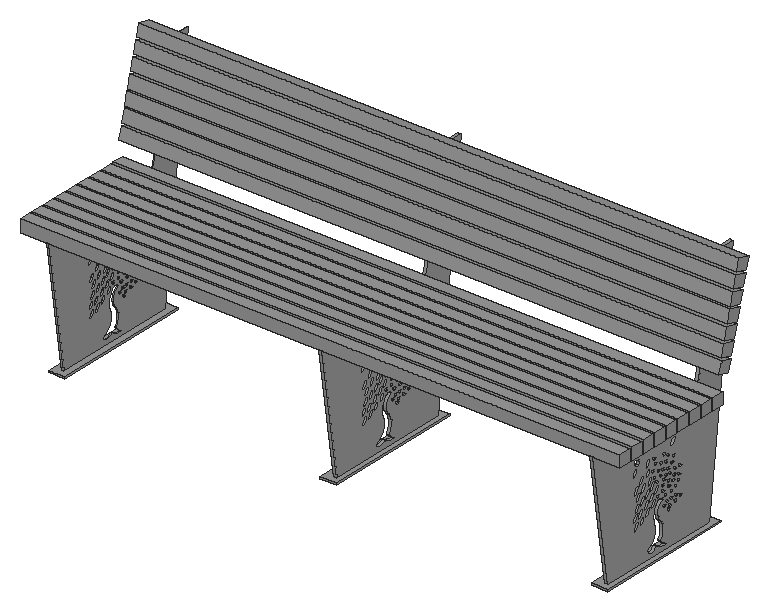
Revit family "Диван парковый с фигурной резкой «Флоренция» Арт 20361", category Антураж, Revit 2018 (continued)
Forms (mm)
  Extrusion 21, solid, material "Сталь" <- "Цвет опор"
    sketch origin (0, 0, 0) x (0, 1, 0) y (0, 0, 1)
      loop
        spline (232.58, 157.021) -> (230.644, 157.549) -> (228.328, 157.156) -> (225.791, 155.868) -> (223.205, 153.774) -> (220.748, 151.015) -> (218.585, 147.781) -> (216.865, 144.291) -> (215.705, 140.783) -> (215.184, 137.497) -> (215.338, 134.656) -> (216.155, 132.454) -> (217.58, 131.04)
      loop
        spline (194.915, 116.321) -> (196.852, 115.793) -> (199.168, 116.187) -> (201.705, 117.474) -> (204.29, 119.569) -> (206.748, 122.327) -> (208.91, 125.562) -> (210.63, 129.052) -> (211.79, 132.559) -> (212.311, 135.846) -> (212.158, 138.687) -> (211.341, 140.889) -> (209.915, 142.302)
        spline (209.915, 142.302) -> (207.978, 142.83) -> (205.663, 142.437) -> (203.126, 141.149) -> (200.54, 139.055) -> (198.082, 136.296) -> (195.92, 133.062) -> (194.2, 129.572) -> (193.04, 126.064) -> (192.519, 122.778) -> (192.672, 119.937) -> (193.49, 117.735) -> (194.915, 116.321)
      loop
        spline (170.884, 109.43) -> (172.82, 108.902) -> (175.136, 109.296) -> (177.673, 110.584) -> (180.259, 112.678) -> (182.716, 115.436) -> (184.879, 118.671) -> (186.599, 122.161) -> (187.759, 125.668) -> (188.28, 128.955) -> (188.126, 131.796) -> (187.309, 133.998) -> (185.884, 135.411)
        spline (185.884, 135.411) -> (183.947, 135.939) -> (181.631, 135.546) -> (179.094, 134.258) -> (176.509, 132.164) -> (174.051, 129.405) -> (171.888, 126.171) -> (170.169, 122.681) -> (169.009, 119.173) -> (168.487, 115.887) -> (168.641, 113.046) -> (169.458, 110.844) -> (170.884, 109.43)
      loop
        spline (167.608, 136.107) -> (169.545, 135.579) -> (171.861, 135.972) -> (174.398, 137.26) -> (176.983, 139.355) -> (179.441, 142.113) -> (181.603, 145.347) -> (183.323, 148.837) -> (184.483, 152.345) -> (185.004, 155.631) -> (184.851, 158.472) -> (184.034, 160.675) -> (182.608, 162.088)
        spline (182.608, 162.088) -> (180.671, 162.616) -> (178.356, 162.222) -> (175.819, 160.935) -> (173.233, 158.84) -> (170.775, 156.082) -> (168.613, 152.847) -> (166.893, 149.357) -> (165.733, 145.85) -> (165.212, 142.563) -> (165.365, 139.722) -> (166.183, 137.52) -> (167.608, 136.107)
      loop
        spline (189.113, 139.899) -> (191.05, 139.371) -> (193.366, 139.764) -> (195.903, 141.052) -> (198.488, 143.147) -> (200.946, 145.905) -> (203.109, 149.139) -> (204.828, 152.629) -> (205.988, 156.137) -> (206.51, 159.423) -> (206.356, 162.264) -> (205.539, 164.466) -> (204.113, 165.88)
        spline (204.113, 165.88) -> (202.177, 166.408) -> (199.861, 166.014) -> (197.324, 164.727) -> (194.738, 162.632) -> (192.281, 159.874) -> (190.118, 156.639) -> (188.398, 153.149) -> (187.238, 149.642) -> (186.717, 146.355) -> (186.871, 143.514) -> (187.688, 141.312) -> (189.113, 139.899)
      loop
        spline (214.274, 156.238) -> (216.21, 155.71) -> (218.526, 156.103) -> (221.063, 157.391) -> (223.649, 159.486) -> (226.106, 162.244) -> (228.269, 165.478) -> (229.989, 168.968) -> (231.149, 172.476) -> (231.67, 175.762) -> (231.516, 178.603) -> (230.699, 180.806) -> (229.274, 182.219)
        spline (229.274, 182.219) -> (227.337, 182.747) -> (225.021, 182.353) -> (222.484, 181.066) -> (219.899, 178.971) -> (217.441, 176.213) -> (215.278, 172.978) -> (213.559, 169.489) -> (212.399, 165.981) -> (211.877, 162.695) -> (212.031, 159.853) -> (212.848, 157.651) -> (214.274, 156.238)
      loop
        spline (175.008, 163.87) -> (176.945, 163.343) -> (179.261, 163.736) -> (181.798, 165.024) -> (184.383, 167.118) -> (186.841, 169.876) -> (189.004, 173.111) -> (190.723, 176.601) -> (191.883, 180.108) -> (192.405, 183.395) -> (192.251, 186.236) -> (191.434, 188.438) -> (190.008, 189.851)
        spline (190.008, 189.851) -> (188.072, 190.379) -> (185.756, 189.986) -> (183.219, 188.698) -> (180.633, 186.604) -> (178.176, 183.845) -> (176.013, 180.611) -> (174.293, 177.121) -> (173.133, 173.613) -> (172.612, 170.327) -> (172.766, 167.486) -> (173.583, 165.284) -> (175.008, 163.87)
      loop
        spline (197.082, 175.607) -> (199.019, 175.079) -> (201.335, 175.473) -> (203.872, 176.76) -> (206.457, 178.855) -> (208.915, 181.613) -> (211.077, 184.848) -> (212.797, 188.338) -> (213.957, 191.845) -> (214.478, 195.132) -> (214.325, 197.973) -> (213.508, 200.175) -> (212.082, 201.588)
        spline (212.082, 201.588) -> (210.145, 202.116) -> (207.83, 201.723) -> (205.293, 200.435) -> (202.707, 198.34) -> (200.249, 195.582) -> (198.087, 192.348) -> (196.367, 188.858) -> (195.207, 185.35) -> (194.686, 182.064) -> (194.839, 179.223) -> (195.657, 177.02) -> (197.082, 175.607)
      loop
        spline (179.404, 193.285) -> (181.341, 192.757) -> (183.657, 193.15) -> (186.194, 194.438) -> (188.779, 196.532) -> (191.237, 199.291) -> (193.4, 202.525) -> (195.119, 206.015) -> (196.279, 209.523) -> (196.801, 212.809) -> (196.647, 215.65) -> (195.83, 217.852) -> (194.404, 219.266)
        spline (194.404, 219.266) -> (192.468, 219.794) -> (190.152, 219.4) -> (187.615, 218.113) -> (185.029, 216.018) -> (182.572, 213.26) -> (180.409, 210.025) -> (178.689, 206.535) -> (177.529, 203.028) -> (177.008, 199.741) -> (177.162, 196.9) -> (177.979, 194.698) -> (179.404, 193.285)
      loop
        spline (170.854, 216.777) -> (172.791, 216.249) -> (175.106, 216.643) -> (177.643, 217.93) -> (180.229, 220.025) -> (182.687, 222.783) -> (184.849, 226.018) -> (186.569, 229.508) -> (187.729, 233.015) -> (188.25, 236.302) -> (188.097, 239.143) -> (187.279, 241.345) -> (185.854, 242.758)
        spline (185.854, 242.758) -> (183.917, 243.286) -> (181.602, 242.893) -> (179.064, 241.605) -> (176.479, 239.51) -> (174.021, 236.752) -> (171.859, 233.518) -> (170.139, 230.028) -> (168.979, 226.52) -> (168.458, 223.234) -> (168.611, 220.393) -> (169.428, 218.19) -> (170.854, 216.777)
      loop
        spline (235.575, 169.754) -> (237.512, 169.226) -> (239.828, 169.62) -> (242.365, 170.908) -> (244.95, 173.002) -> (247.408, 175.76) -> (249.571, 178.995) -> (251.29, 182.485) -> (252.45, 185.992) -> (252.971, 189.279) -> (252.818, 192.12) -> (252.001, 194.322) -> (250.575, 195.735)
        spline (250.575, 195.735) -> (248.639, 196.263) -> (246.323, 195.87) -> (243.786, 194.582) -> (241.2, 192.488) -> (238.743, 189.729) -> (236.58, 186.495) -> (234.86, 183.005) -> (233.7, 179.497) -> (233.179, 176.211) -> (233.333, 173.37) -> (234.15, 171.168) -> (235.575, 169.754)
      loop
        spline (217.898, 187.432) -> (219.834, 186.904) -> (222.15, 187.297) -> (224.687, 188.585) -> (227.273, 190.68) -> (229.73, 193.438) -> (231.893, 196.672) -> (233.613, 200.162) -> (234.773, 203.67) -> (235.294, 206.956) -> (235.14, 209.797) -> (234.323, 212) -> (232.898, 213.413)
        spline (232.898, 213.413) -> (230.961, 213.941) -> (228.645, 213.547) -> (226.108, 212.26) -> (223.523, 210.165) -> (221.065, 207.407) -> (218.902, 204.172) -> (217.183, 200.683) -> (216.023, 197.175) -> (215.502, 193.889) -> (215.655, 191.047) -> (216.472, 188.845) -> (217.898, 187.432)
      loop
        spline (200.69, 212.007) -> (202.627, 211.479) -> (204.943, 211.872) -> (207.48, 213.16) -> (210.065, 215.254) -> (212.523, 218.013) -> (214.686, 221.247) -> (216.405, 224.737) -> (217.565, 228.245) -> (218.086, 231.531) -> (217.933, 234.372) -> (217.116, 236.574) -> (215.69, 237.987)
        spline (215.69, 237.987) -> (213.754, 238.515) -> (211.438, 238.122) -> (208.901, 236.834) -> (206.315, 234.74) -> (203.858, 231.981) -> (201.695, 228.747) -> (199.975, 225.257) -> (198.815, 221.749) -> (198.294, 218.463) -> (198.448, 215.622) -> (199.265, 213.42) -> (200.69, 212.007)
      loop
        spline (193.216, 239.305) -> (195.153, 238.777) -> (197.469, 239.17) -> (200.006, 240.458) -> (202.591, 242.552) -> (205.049, 245.311) -> (207.211, 248.545) -> (208.931, 252.035) -> (210.091, 255.543) -> (210.612, 258.829) -> (210.459, 261.67) -> (209.642, 263.872) -> (208.216, 265.286)
        spline (208.216, 265.286) -> (206.28, 265.814) -> (203.964, 265.42) -> (201.427, 264.132) -> (198.841, 262.038) -> (196.384, 259.28) -> (194.221, 256.045) -> (192.501, 252.555) -> (191.341, 249.048) -> (190.82, 245.761) -> (190.974, 242.92) -> (191.791, 240.718) -> (193.216, 239.305)
      loop
        spline (255.503, 184.504) -> (257.44, 183.976) -> (259.756, 184.369) -> (262.293, 185.657) -> (264.878, 187.751) -> (267.336, 190.51) -> (269.499, 193.744) -> (271.218, 197.234) -> (272.378, 200.742) -> (272.899, 204.028) -> (272.746, 206.869) -> (271.929, 209.071) -> (270.503, 210.485)
        spline (270.503, 210.485) -> (268.567, 211.012) -> (266.251, 210.619) -> (263.714, 209.331) -> (261.128, 207.237) -> (258.671, 204.479) -> (256.508, 201.244) -> (254.788, 197.754) -> (253.628, 194.247) -> (253.107, 190.96) -> (253.261, 188.119) -> (254.078, 185.917) -> (255.503, 184.504)
      loop
        spline (237.826, 202.181) -> (239.762, 201.653) -> (242.078, 202.047) -> (244.615, 203.335) -> (247.201, 205.429) -> (249.658, 208.187) -> (251.821, 211.422) -> (253.541, 214.912) -> (254.701, 218.419) -> (255.222, 221.706) -> (255.068, 224.547) -> (254.251, 226.749) -> (252.826, 228.162)
        spline (252.826, 228.162) -> (250.889, 228.69) -> (248.573, 228.297) -> (246.036, 227.009) -> (243.451, 224.915) -> (240.993, 222.156) -> (238.83, 218.922) -> (237.111, 215.432) -> (235.951, 211.924) -> (235.43, 208.638) -> (235.583, 205.797) -> (236.4, 203.595) -> (237.826, 202.181)
      loop
        spline (227.826, 219.502) -> (229.762, 218.974) -> (232.078, 219.367) -> (234.615, 220.655) -> (237.201, 222.75) -> (239.658, 225.508) -> (241.821, 228.742) -> (243.541, 232.232) -> (244.701, 235.74) -> (245.222, 239.026) -> (245.068, 241.867) -> (244.251, 244.069) -> (242.826, 245.483)
        spline (242.826, 245.483) -> (240.889, 246.011) -> (238.573, 245.617) -> (236.036, 244.33) -> (233.451, 242.235) -> (230.993, 239.477) -> (228.83, 236.242) -> (227.111, 232.752) -> (225.951, 229.245) -> (225.43, 225.958) -> (225.583, 223.117) -> (226.4, 220.915) -> (227.826, 219.502)
      loop
        spline (220.061, 248.48) -> (221.998, 247.952) -> (224.313, 248.345) -> (226.851, 249.633) -> (229.436, 251.727) -> (231.894, 254.486) -> (234.056, 257.72) -> (235.776, 261.21) -> (236.936, 264.718) -> (237.457, 268.004) -> (237.304, 270.845) -> (236.487, 273.047) -> (235.061, 274.46)
        spline (235.061, 274.46) -> (233.124, 274.988) -> (230.809, 274.595) -> (228.272, 273.307) -> (225.686, 271.213) -> (223.228, 268.454) -> (221.066, 265.22) -> (219.346, 261.73) -> (218.186, 258.222) -> (217.665, 254.936) -> (217.818, 252.095) -> (218.636, 249.893) -> (220.061, 248.48)
      loop
        spline (220.061, 278.48) -> (221.998, 277.952) -> (224.313, 278.345) -> (226.851, 279.633) -> (229.436, 281.727) -> (231.894, 284.486) -> (234.056, 287.72) -> (235.776, 291.21) -> (236.936, 294.718) -> (237.457, 298.004) -> (237.304, 300.845) -> (236.487, 303.047) -> (235.061, 304.46)
        spline (235.061, 304.46) -> (233.124, 304.988) -> (230.809, 304.595) -> (228.272, 303.307) -> (225.686, 301.213) -> (223.228, 298.454) -> (221.066, 295.22) -> (219.346, 291.73) -> (218.186, 288.222) -> (217.665, 284.936) -> (217.818, 282.095) -> (218.636, 279.893) -> (220.061, 278.48)
      loop
        spline (282.233, 205.623) -> (281.559, 204.467) -> (281.413, 202.908) -> (281.804, 201.052) -> (282.707, 199.026) -> (284.059, 196.967) -> (285.769, 195.016) -> (287.719, 193.307) -> (289.778, 191.955) -> (291.804, 191.052) -> (293.66, 190.661) -> (295.219, 190.807) -> (296.375, 191.481)
        spline (296.375, 191.481) -> (297.049, 192.637) -> (297.196, 194.196) -> (296.804, 196.052) -> (295.901, 198.078) -> (294.549, 200.137) -> (292.84, 202.088) -> (290.889, 203.797) -> (288.83, 205.149) -> (286.804, 206.052) -> (284.948, 206.444) -> (283.389, 206.297) -> (282.233, 205.623)
      loop
        spline (305.031, 209.643) -> (304.356, 208.487) -> (304.21, 206.928) -> (304.602, 205.072) -> (305.504, 203.046) -> (306.856, 200.987) -> (308.566, 199.036) -> (310.517, 197.327) -> (312.575, 195.974) -> (314.602, 195.072) -> (316.458, 194.68) -> (318.017, 194.827) -> (319.173, 195.501)
        spline (319.173, 195.501) -> (319.847, 196.657) -> (319.993, 198.216) -> (319.602, 200.072) -> (318.699, 202.098) -> (317.347, 204.157) -> (315.637, 206.107) -> (313.687, 207.817) -> (311.628, 209.169) -> (309.602, 210.072) -> (307.746, 210.463) -> (306.187, 210.317) -> (305.031, 209.643)
      loop
        spline (329.179, 216.113) -> (328.505, 214.957) -> (328.358, 213.398) -> (328.75, 211.542) -> (329.652, 209.516) -> (331.005, 207.457) -> (332.714, 205.507) -> (334.665, 203.797) -> (336.723, 202.445) -> (338.75, 201.542) -> (340.606, 201.151) -> (342.165, 201.297) -> (343.321, 201.971)
        spline (343.321, 201.971) -> (343.995, 203.127) -> (344.141, 204.686) -> (343.75, 206.542) -> (342.847, 208.569) -> (341.495, 210.627) -> (339.785, 212.578) -> (337.835, 214.288) -> (335.776, 215.64) -> (333.75, 216.542) -> (331.894, 216.934) -> (330.335, 216.788) -> (329.179, 216.113)
      loop
        spline (348.497, 210.937) -> (347.823, 209.781) -> (347.677, 208.222) -> (348.068, 206.366) -> (348.971, 204.34) -> (350.323, 202.281) -> (352.033, 200.33) -> (353.983, 198.621) -> (356.042, 197.269) -> (358.068, 196.366) -> (359.924, 195.974) -> (361.483, 196.121) -> (362.639, 196.795)
        spline (362.639, 196.795) -> (363.313, 197.951) -> (363.46, 199.51) -> (363.068, 201.366) -> (362.166, 203.392) -> (360.813, 205.451) -> (359.104, 207.401) -> (357.153, 209.111) -> (355.095, 210.463) -> (353.068, 211.366) -> (351.212, 211.757) -> (349.653, 211.611) -> (348.497, 210.937)
      loop
        spline (352.838, 235.557) -> (352.164, 234.401) -> (352.018, 232.842) -> (352.409, 230.986) -> (353.312, 228.96) -> (354.664, 226.901) -> (356.374, 224.951) -> (358.325, 223.241) -> (360.383, 221.889) -> (362.409, 220.986) -> (364.265, 220.595) -> (365.825, 220.741) -> (366.981, 221.415)
        spline (366.981, 221.415) -> (367.655, 222.571) -> (367.801, 224.13) -> (367.409, 225.986) -> (366.507, 228.012) -> (365.155, 230.071) -> (363.445, 232.022) -> (361.494, 233.731) -> (359.436, 235.084) -> (357.409, 235.986) -> (355.554, 236.378) -> (353.994, 236.231) -> (352.838, 235.557)
      loop
        spline (332.838, 235.557) -> (332.164, 234.401) -> (332.018, 232.842) -> (332.409, 230.986) -> (333.312, 228.96) -> (334.664, 226.901) -> (336.374, 224.951) -> (338.325, 223.241) -> (340.383, 221.889) -> (342.409, 220.986) -> (344.265, 220.595) -> (345.825, 220.741) -> (346.981, 221.415)
        spline (346.981, 221.415) -> (347.655, 222.571) -> (347.801, 224.13) -> (347.409, 225.986) -> (346.507, 228.012) -> (345.155, 230.071) -> (343.445, 232.022) -> (341.494, 233.731) -> (339.436, 235.084) -> (337.409, 235.986) -> (335.554, 236.378) -> (333.994, 236.231) -> (332.838, 235.557)
      loop
        spline (320.338, 257.208) -> (319.664, 256.052) -> (319.518, 254.493) -> (319.909, 252.637) -> (320.812, 250.61) -> (322.164, 248.552) -> (323.874, 246.601) -> (325.825, 244.892) -> (327.883, 243.539) -> (329.909, 242.637) -> (331.765, 242.245) -> (333.325, 242.392) -> (334.481, 243.066)
        spline (334.481, 243.066) -> (335.155, 244.222) -> (335.301, 245.781) -> (334.909, 247.637) -> (334.007, 249.663) -> (332.655, 251.722) -> (330.945, 253.672) -> (328.994, 255.382) -> (326.936, 256.734) -> (324.909, 257.637) -> (323.054, 258.028) -> (321.494, 257.882) -> (320.338, 257.208)
      loop
        spline (326.915, 275.103) -> (326.241, 273.947) -> (326.095, 272.388) -> (326.486, 270.532) -> (327.389, 268.506) -> (328.741, 266.447) -> (330.451, 264.497) -> (332.401, 262.787) -> (334.46, 261.435) -> (336.486, 260.532) -> (338.342, 260.141) -> (339.901, 260.287) -> (341.057, 260.961)
        spline (341.057, 260.961) -> (341.732, 262.117) -> (341.878, 263.676) -> (341.486, 265.532) -> (340.584, 267.558) -> (339.232, 269.617) -> (337.522, 271.568) -> (335.571, 273.277) -> (333.513, 274.63) -> (331.486, 275.532) -> (329.63, 275.924) -> (328.071, 275.777) -> (326.915, 275.103)
      loop
        spline (304.826, 286.164) -> (304.152, 285.008) -> (304.005, 283.449) -> (304.397, 281.593) -> (305.299, 279.567) -> (306.652, 277.508) -> (308.361, 275.557) -> (310.312, 273.848) -> (312.37, 272.496) -> (314.397, 271.593) -> (316.253, 271.202) -> (317.812, 271.348) -> (318.968, 272.022)
        spline (318.968, 272.022) -> (319.642, 273.178) -> (319.788, 274.737) -> (319.397, 276.593) -> (318.494, 278.619) -> (317.142, 280.678) -> (315.432, 282.629) -> (313.482, 284.338) -> (311.423, 285.69) -> (309.397, 286.593) -> (307.541, 286.984) -> (305.982, 286.838) -> (304.826, 286.164)
      loop
        spline (287.505, 296.164) -> (286.831, 295.008) -> (286.685, 293.449) -> (287.076, 291.593) -> (287.979, 289.567) -> (289.331, 287.508) -> (291.041, 285.557) -> (292.991, 283.848) -> (295.05, 282.496) -> (297.076, 281.593) -> (298.932, 281.202) -> (300.491, 281.348) -> (301.647, 282.022)
        spline (301.647, 282.022) -> (302.321, 283.178) -> (302.468, 284.737) -> (302.076, 286.593) -> (301.174, 288.619) -> (299.821, 290.678) -> (298.112, 292.629) -> (296.161, 294.338) -> (294.103, 295.69) -> (292.076, 296.593) -> (290.22, 296.984) -> (288.661, 296.838) -> (287.505, 296.164)
      loop
        spline (275.005, 274.513) -> (274.331, 273.357) -> (274.185, 271.798) -> (274.576, 269.942) -> (275.479, 267.916) -> (276.831, 265.857) -> (278.541, 263.907) -> (280.491, 262.197) -> (282.55, 260.845) -> (284.576, 259.942) -> (286.432, 259.551) -> (287.991, 259.697) -> (289.147, 260.371)
        spline (289.147, 260.371) -> (289.821, 261.527) -> (289.968, 263.086) -> (289.576, 264.942) -> (288.674, 266.969) -> (287.321, 269.027) -> (285.612, 270.978) -> (283.661, 272.688) -> (281.603, 274.04) -> (279.576, 274.942) -> (277.72, 275.334) -> (276.161, 275.188) -> (275.005, 274.513)
      loop
        spline (251.513, 283.064) -> (250.839, 281.908) -> (250.692, 280.349) -> (251.084, 278.493) -> (251.987, 276.467) -> (253.339, 274.408) -> (255.048, 272.457) -> (256.999, 270.748) -> (259.058, 269.395) -> (261.084, 268.493) -> (262.94, 268.101) -> (264.499, 268.248) -> (265.655, 268.922)
        spline (265.655, 268.922) -> (266.329, 270.078) -> (266.475, 271.637) -> (266.084, 273.493) -> (265.181, 275.519) -> (263.829, 277.578) -> (262.12, 279.528) -> (260.169, 281.238) -> (258.11, 282.59) -> (256.084, 283.493) -> (254.228, 283.884) -> (252.669, 283.738) -> (251.513, 283.064)
      loop
        spline (244.673, 301.858) -> (243.998, 300.702) -> (243.852, 299.143) -> (244.244, 297.287) -> (245.146, 295.26) -> (246.498, 293.202) -> (248.208, 291.251) -> (250.159, 289.542) -> (252.217, 288.189) -> (254.244, 287.287) -> (256.1, 286.895) -> (257.659, 287.042) -> (258.815, 287.716)
        spline (258.815, 287.716) -> (259.489, 288.872) -> (259.635, 290.431) -> (259.244, 292.287) -> (258.341, 294.313) -> (256.989, 296.372) -> (255.279, 298.322) -> (253.329, 300.032) -> (251.27, 301.384) -> (249.244, 302.287) -> (247.388, 302.678) -> (245.829, 302.532) -> (244.673, 301.858)
      loop
        spline (295.555, 270.063) -> (294.881, 268.907) -> (294.735, 267.348) -> (295.126, 265.492) -> (296.029, 263.465) -> (297.381, 261.407) -> (299.091, 259.456) -> (301.042, 257.746) -> (303.1, 256.394) -> (305.126, 255.492) -> (306.982, 255.1) -> (308.542, 255.246) -> (309.698, 255.92)
        spline (309.698, 255.92) -> (310.372, 257.077) -> (310.518, 258.636) -> (310.126, 260.492) -> (309.224, 262.518) -> (307.872, 264.577) -> (306.162, 266.527) -> (304.211, 268.237) -> (302.153, 269.589) -> (300.126, 270.492) -> (298.271, 270.883) -> (296.711, 270.737) -> (295.555, 270.063)
      loop
        spline (313.015, 229.08) -> (312.341, 227.924) -> (312.194, 226.365) -> (312.586, 224.509) -> (313.489, 222.482) -> (314.841, 220.424) -> (316.55, 218.473) -> (318.501, 216.763) -> (320.56, 215.411) -> (322.586, 214.509) -> (324.442, 214.117) -> (326.001, 214.263) -> (327.157, 214.938)
        spline (327.157, 214.938) -> (327.831, 216.094) -> (327.977, 217.653) -> (327.586, 219.509) -> (326.683, 221.535) -> (325.331, 223.594) -> (323.621, 225.544) -> (321.671, 227.254) -> (319.612, 228.606) -> (317.586, 229.509) -> (315.73, 229.9) -> (314.171, 229.754) -> (313.015, 229.08)
      loop
        spline (295.694, 230.319) -> (295.02, 229.163) -> (294.874, 227.604) -> (295.265, 225.748) -> (296.168, 223.722) -> (297.52, 221.663) -> (299.23, 219.712) -> (301.18, 218.003) -> (303.239, 216.651) -> (305.265, 215.748) -> (307.121, 215.356) -> (308.68, 215.503) -> (309.836, 216.177)
        spline (309.836, 216.177) -> (310.511, 217.333) -> (310.657, 218.892) -> (310.265, 220.748) -> (309.363, 222.774) -> (308.011, 224.833) -> (306.301, 226.783) -> (304.35, 228.493) -> (302.292, 229.845) -> (300.265, 230.748) -> (298.409, 231.139) -> (296.85, 230.993) -> (295.694, 230.319)
      loop
        spline (285.586, 221.393) -> (284.912, 220.237) -> (284.766, 218.678) -> (285.157, 216.822) -> (286.06, 214.795) -> (287.412, 212.737) -> (289.122, 210.786) -> (291.072, 209.077) -> (293.131, 207.724) -> (295.157, 206.822) -> (297.013, 206.43) -> (298.572, 206.577) -> (299.728, 207.251)
        spline (299.728, 207.251) -> (300.402, 208.407) -> (300.549, 209.966) -> (300.157, 211.822) -> (299.254, 213.848) -> (297.902, 215.907) -> (296.193, 217.857) -> (294.242, 219.567) -> (292.183, 220.919) -> (290.157, 221.822) -> (288.301, 222.213) -> (286.742, 222.067) -> (285.586, 221.393)
      loop
        spline (257.061, 227.427) -> (256.387, 226.271) -> (256.24, 224.712) -> (256.632, 222.856) -> (257.535, 220.83) -> (258.887, 218.771) -> (260.596, 216.82) -> (262.547, 215.111) -> (264.606, 213.759) -> (266.632, 212.856) -> (268.488, 212.464) -> (270.047, 212.611) -> (271.203, 213.285)
        spline (271.203, 213.285) -> (271.877, 214.441) -> (272.023, 216) -> (271.632, 217.856) -> (270.729, 219.882) -> (269.377, 221.941) -> (267.668, 223.891) -> (265.717, 225.601) -> (263.658, 226.953) -> (261.632, 227.856) -> (259.776, 228.247) -> (258.217, 228.101) -> (257.061, 227.427)
      loop
        spline (273.444, 238.899) -> (272.77, 237.743) -> (272.624, 236.183) -> (273.015, 234.327) -> (273.918, 232.301) -> (275.27, 230.243) -> (276.979, 228.292) -> (278.93, 226.582) -> (280.989, 225.23) -> (283.015, 224.327) -> (284.871, 223.936) -> (286.43, 224.082) -> (287.586, 224.756)
        spline (287.586, 224.756) -> (288.26, 225.912) -> (288.407, 227.471) -> (288.015, 229.327) -> (287.112, 231.354) -> (285.76, 233.412) -> (284.051, 235.363) -> (282.1, 237.073) -> (280.041, 238.425) -> (278.015, 239.327) -> (276.159, 239.719) -> (274.6, 239.573) -> (273.444, 238.899)
      loop
        spline (302.422, 246.663) -> (301.748, 245.507) -> (301.601, 243.948) -> (301.993, 242.092) -> (302.895, 240.066) -> (304.248, 238.007) -> (305.957, 236.056) -> (307.908, 234.347) -> (309.966, 232.995) -> (311.993, 232.092) -> (313.849, 231.701) -> (315.408, 231.847) -> (316.564, 232.521)
        spline (316.564, 232.521) -> (317.238, 233.677) -> (317.384, 235.236) -> (316.993, 237.092) -> (316.09, 239.118) -> (314.738, 241.177) -> (313.028, 243.128) -> (311.078, 244.837) -> (309.019, 246.189) -> (306.993, 247.092) -> (305.137, 247.484) -> (303.578, 247.337) -> (302.422, 246.663)
      loop
        spline (263.61, 256.34) -> (262.936, 255.184) -> (262.789, 253.625) -> (263.181, 251.769) -> (264.084, 249.743) -> (265.436, 247.684) -> (267.145, 245.733) -> (269.096, 244.024) -> (271.155, 242.671) -> (273.181, 241.769) -> (275.037, 241.377) -> (276.596, 241.524) -> (277.752, 242.198)
        spline (277.752, 242.198) -> (278.426, 243.354) -> (278.572, 244.913) -> (278.181, 246.769) -> (277.278, 248.795) -> (275.926, 250.854) -> (274.216, 252.804) -> (272.266, 254.514) -> (270.207, 255.866) -> (268.181, 256.769) -> (266.325, 257.16) -> (264.766, 257.014) -> (263.61, 256.34)
      loop
        spline (240.118, 264.89) -> (239.443, 263.734) -> (239.297, 262.175) -> (239.689, 260.319) -> (240.591, 258.293) -> (241.943, 256.234) -> (243.653, 254.284) -> (245.604, 252.574) -> (247.662, 251.222) -> (249.689, 250.319) -> (251.545, 249.928) -> (253.104, 250.074) -> (254.26, 250.748)
        spline (254.26, 250.748) -> (254.934, 251.904) -> (255.08, 253.463) -> (254.689, 255.319) -> (253.786, 257.346) -> (252.434, 259.404) -> (250.724, 261.355) -> (248.774, 263.065) -> (246.715, 264.417) -> (244.689, 265.319) -> (242.833, 265.711) -> (241.274, 265.565) -> (240.118, 264.89)
      loop
        spline (247.956, 243.354) -> (247.282, 242.198) -> (247.136, 240.639) -> (247.527, 238.783) -> (248.43, 236.757) -> (249.782, 234.698) -> (251.492, 232.748) -> (253.442, 231.038) -> (255.501, 229.686) -> (257.527, 228.783) -> (259.383, 228.392) -> (260.942, 228.538) -> (262.098, 229.212)
        spline (262.098, 229.212) -> (262.772, 230.368) -> (262.919, 231.927) -> (262.527, 233.783) -> (261.625, 235.809) -> (260.272, 237.868) -> (258.563, 239.819) -> (256.612, 241.528) -> (254.554, 242.881) -> (252.527, 243.783) -> (250.671, 244.175) -> (249.112, 244.028) -> (247.956, 243.354)
      loop
        spline (281.6, 253.002) -> (280.926, 251.846) -> (280.78, 250.286) -> (281.171, 248.43) -> (282.074, 246.404) -> (283.426, 244.346) -> (285.136, 242.395) -> (287.086, 240.685) -> (289.145, 239.333) -> (291.171, 238.43) -> (293.027, 238.039) -> (294.586, 238.185) -> (295.742, 238.859)
        spline (295.742, 238.859) -> (296.417, 240.015) -> (296.563, 241.574) -> (296.171, 243.43) -> (295.269, 245.457) -> (293.917, 247.515) -> (292.207, 249.466) -> (290.256, 251.176) -> (288.198, 252.528) -> (286.171, 253.43) -> (284.315, 253.822) -> (282.756, 253.676) -> (281.6, 253.002)
    from 995 to 1005
  Extrusion 22, solid, material "Сталь" <- "Цвет опор"
    sketch origin (0, 0, 0) x (0, 1, 0) y (0, 0, 1)
      loop
        line (426.552, 410) -> (0, 410) -> (61.477, 0) -> (481.477, 0) -> (580, 802.403) -> (531.696, 802.403) -> (426.552, 410)
      loop
        arc (293.279, 154.444) -> (280.002, 165.527) -> (263.735, 159.654) r 17.373
        arc (263.735, 159.654) -> (250.742, 131.338) -> (254.349, 100.393) r 57.751
        arc (254.349, 100.393) -> (253.743, 59.613) -> (223.844, 31.877) r 51.872
        arc (223.844, 31.877) -> (242.205, 16.337) -> (263.472, 27.577) r 21.481
        arc (263.472, 27.577) -> (287.28, 16.812) -> (313.371, 18.207) r 55.185
        arc (313.371, 18.207) -> (296.034, 23.078) -> (282.861, 35.356) r 38.169
        arc (282.861, 35.356) -> (290.714, 65.356) -> (282.861, 95.356) r 61.227
        arc (282.861, 95.356) -> (270.331, 128.028) -> (293.279, 154.444) r 33.989
      loop
        spline (191.631, 301.463) -> (193.099, 303.654) -> (193.745, 306.419) -> (193.524, 309.569) -> (192.451, 312.89) -> (190.599, 316.154) -> (188.095, 319.141) -> (185.109, 321.645) -> (181.844, 323.497) -> (178.524, 324.569) -> (175.374, 324.791) -> (172.609, 324.145) -> (170.417, 322.676)
        spline (170.417, 322.676) -> (168.949, 320.485) -> (168.303, 317.72) -> (168.524, 314.569) -> (169.597, 311.249) -> (171.449, 307.985) -> (173.953, 304.998) -> (176.939, 302.494) -> (180.204, 300.642) -> (183.524, 299.569) -> (186.674, 299.348) -> (189.439, 299.994) -> (191.631, 301.463)
      loop
        spline (165.613, 270.783) -> (167.55, 270.255) -> (169.866, 270.649) -> (172.403, 271.936) -> (174.988, 274.031) -> (177.446, 276.789) -> (179.608, 280.024) -> (181.328, 283.513) -> (182.488, 287.021) -> (183.009, 290.307) -> (182.856, 293.149) -> (182.039, 295.351) -> (180.613, 296.764)
        spline (180.613, 296.764) -> (178.677, 297.292) -> (176.361, 296.899) -> (173.824, 295.611) -> (171.238, 293.516) -> (168.781, 290.758) -> (166.618, 287.524) -> (164.898, 284.034) -> (163.738, 280.526) -> (163.217, 277.24) -> (163.371, 274.399) -> (164.188, 272.196) -> (165.613, 270.783)
      loop
        spline (320.505, 301.998) -> (322.442, 300.785) -> (324.969, 300.377) -> (327.914, 300.802) -> (331.078, 302.032) -> (334.244, 303.982) -> (337.197, 306.52) -> (339.735, 309.472) -> (341.685, 312.638) -> (342.914, 315.802) -> (343.34, 318.748) -> (342.932, 321.275) -> (341.718, 323.211)
        spline (341.718, 323.211) -> (339.782, 324.425) -> (337.255, 324.833) -> (334.309, 324.407) -> (331.146, 323.177) -> (327.98, 321.227) -> (325.027, 318.689) -> (322.489, 315.737) -> (320.539, 312.571) -> (319.309, 309.407) -> (318.884, 306.461) -> (319.292, 303.934) -> (320.505, 301.998)
      loop
        spline (300.133, 150.362) -> (299.459, 149.206) -> (299.312, 147.647) -> (299.704, 145.791) -> (300.607, 143.765) -> (301.959, 141.706) -> (303.668, 139.755) -> (305.619, 138.046) -> (307.678, 136.693) -> (309.704, 135.791) -> (311.56, 135.399) -> (313.119, 135.546) -> (314.275, 136.22)
        spline (314.275, 136.22) -> (314.949, 137.376) -> (315.095, 138.935) -> (314.704, 140.791) -> (313.801, 142.817) -> (312.449, 144.876) -> (310.739, 146.826) -> (308.789, 148.536) -> (306.73, 149.888) -> (304.704, 150.791) -> (302.848, 151.182) -> (301.289, 151.036) -> (300.133, 150.362)
      loop
        spline (287.846, 141.758) -> (287.171, 140.602) -> (287.025, 139.043) -> (287.417, 137.187) -> (288.319, 135.161) -> (289.671, 133.102) -> (291.381, 131.152) -> (293.332, 129.442) -> (295.39, 128.09) -> (297.417, 127.187) -> (299.273, 126.796) -> (300.832, 126.942) -> (301.988, 127.616)
        spline (301.988, 127.616) -> (302.662, 128.772) -> (302.808, 130.331) -> (302.417, 132.187) -> (301.514, 134.214) -> (300.162, 136.272) -> (298.452, 138.223) -> (296.502, 139.932) -> (294.443, 141.285) -> (292.417, 142.187) -> (290.561, 142.579) -> (289.002, 142.432) -> (287.846, 141.758)
      loop
        spline (305.523, 124.081) -> (304.849, 122.925) -> (304.703, 121.366) -> (305.094, 119.51) -> (305.997, 117.483) -> (307.349, 115.425) -> (309.059, 113.474) -> (311.009, 111.764) -> (313.068, 110.412) -> (315.094, 109.51) -> (316.95, 109.118) -> (318.509, 109.264) -> (319.665, 109.938)
        spline (319.665, 109.938) -> (320.339, 111.094) -> (320.486, 112.654) -> (320.094, 114.51) -> (319.192, 116.536) -> (317.839, 118.594) -> (316.13, 120.545) -> (314.179, 122.255) -> (312.121, 123.607) -> (310.094, 124.51) -> (308.238, 124.901) -> (306.679, 124.755) -> (305.523, 124.081)
      loop
        spline (311.255, 134.008) -> (310.58, 132.852) -> (310.434, 131.292) -> (310.826, 129.437) -> (311.728, 127.41) -> (313.08, 125.352) -> (314.79, 123.401) -> (316.741, 121.691) -> (318.799, 120.339) -> (320.826, 119.437) -> (322.682, 119.045) -> (324.241, 119.191) -> (325.397, 119.865)
        spline (325.397, 119.865) -> (326.071, 121.021) -> (326.217, 122.581) -> (325.826, 124.437) -> (324.923, 126.463) -> (323.571, 128.521) -> (321.861, 130.472) -> (319.911, 132.182) -> (317.852, 133.534) -> (315.826, 134.437) -> (313.97, 134.828) -> (312.411, 134.682) -> (311.255, 134.008)
      loop
        spline (333.847, 137.991) -> (333.173, 136.835) -> (333.027, 135.276) -> (333.419, 133.42) -> (334.321, 131.394) -> (335.673, 129.335) -> (337.383, 127.385) -> (339.334, 125.675) -> (341.392, 124.323) -> (343.419, 123.42) -> (345.274, 123.029) -> (346.834, 123.175) -> (347.99, 123.849)
        spline (347.99, 123.849) -> (348.664, 125.005) -> (348.81, 126.564) -> (348.419, 128.42) -> (347.516, 130.447) -> (346.164, 132.505) -> (344.454, 134.456) -> (342.503, 136.165) -> (340.445, 137.518) -> (338.419, 138.42) -> (336.563, 138.812) -> (335.003, 138.665) -> (333.847, 137.991)
      loop
        spline (354.754, 145.601) -> (354.08, 144.445) -> (353.934, 142.886) -> (354.325, 141.03) -> (355.228, 139.003) -> (356.58, 136.945) -> (358.29, 134.994) -> (360.24, 133.284) -> (362.299, 131.932) -> (364.325, 131.03) -> (366.181, 130.638) -> (367.74, 130.784) -> (368.896, 131.459)
        spline (368.896, 131.459) -> (369.57, 132.615) -> (369.717, 134.174) -> (369.325, 136.03) -> (368.423, 138.056) -> (367.07, 140.115) -> (365.361, 142.065) -> (363.41, 143.775) -> (361.352, 145.127) -> (359.325, 146.03) -> (357.469, 146.421) -> (355.91, 146.275) -> (354.754, 145.601)
      loop
        spline (336.628, 154.053) -> (335.954, 152.897) -> (335.808, 151.338) -> (336.199, 149.482) -> (337.102, 147.456) -> (338.454, 145.397) -> (340.163, 143.446) -> (342.114, 141.737) -> (344.173, 140.385) -> (346.199, 139.482) -> (348.055, 139.091) -> (349.614, 139.237) -> (350.77, 139.911)
        spline (350.77, 139.911) -> (351.444, 141.067) -> (351.591, 142.626) -> (351.199, 144.482) -> (350.296, 146.508) -> (348.944, 148.567) -> (347.235, 150.518) -> (345.284, 152.227) -> (343.225, 153.579) -> (341.199, 154.482) -> (339.343, 154.873) -> (337.784, 154.727) -> (336.628, 154.053)
      loop
        spline (316.704, 152.31) -> (316.03, 151.154) -> (315.884, 149.595) -> (316.275, 147.739) -> (317.178, 145.713) -> (318.53, 143.654) -> (320.24, 141.703) -> (322.19, 139.994) -> (324.249, 138.641) -> (326.275, 137.739) -> (328.131, 137.347) -> (329.69, 137.494) -> (330.846, 138.168)
        spline (330.846, 138.168) -> (331.52, 139.324) -> (331.667, 140.883) -> (331.275, 142.739) -> (330.373, 144.765) -> (329.02, 146.824) -> (327.311, 148.774) -> (325.36, 150.484) -> (323.301, 151.836) -> (321.275, 152.739) -> (319.419, 153.13) -> (317.86, 152.984) -> (316.704, 152.31)
      loop
        spline (293.723, 171.594) -> (293.049, 170.438) -> (292.902, 168.878) -> (293.294, 167.023) -> (294.196, 164.996) -> (295.549, 162.938) -> (297.258, 160.987) -> (299.209, 159.277) -> (301.267, 157.925) -> (303.294, 157.023) -> (305.15, 156.631) -> (306.709, 156.777) -> (307.865, 157.451)
        spline (307.865, 157.451) -> (308.539, 158.607) -> (308.685, 160.167) -> (308.294, 162.023) -> (307.391, 164.049) -> (306.039, 166.107) -> (304.329, 168.058) -> (302.379, 169.768) -> (300.32, 171.12) -> (298.294, 172.023) -> (296.438, 172.414) -> (294.879, 172.268) -> (293.723, 171.594)
      loop
        spline (318.628, 173.772) -> (317.953, 172.616) -> (317.807, 171.057) -> (318.199, 169.201) -> (319.101, 167.175) -> (320.453, 165.116) -> (322.163, 163.166) -> (324.114, 161.456) -> (326.172, 160.104) -> (328.199, 159.201) -> (330.055, 158.81) -> (331.614, 158.956) -> (332.77, 159.63)
        spline (332.77, 159.63) -> (333.444, 160.786) -> (333.59, 162.345) -> (333.199, 164.201) -> (332.296, 166.228) -> (330.944, 168.286) -> (329.234, 170.237) -> (327.284, 171.947) -> (325.225, 173.299) -> (323.199, 174.201) -> (321.343, 174.593) -> (319.784, 174.447) -> (318.628, 173.772)
      loop
        spline (335.349, 181.57) -> (334.675, 180.414) -> (334.529, 178.855) -> (334.92, 176.999) -> (335.823, 174.972) -> (337.175, 172.914) -> (338.884, 170.963) -> (340.835, 169.254) -> (342.894, 167.901) -> (344.92, 166.999) -> (346.776, 166.607) -> (348.335, 166.754) -> (349.491, 167.428)
        spline (349.491, 167.428) -> (350.165, 168.584) -> (350.312, 170.143) -> (349.92, 171.999) -> (349.017, 174.025) -> (347.665, 176.084) -> (345.956, 178.034) -> (344.005, 179.744) -> (341.946, 181.096) -> (339.92, 181.999) -> (338.064, 182.39) -> (336.505, 182.244) -> (335.349, 181.57)
      loop
        spline (347.738, 193.959) -> (347.064, 192.803) -> (346.918, 191.244) -> (347.309, 189.388) -> (348.212, 187.361) -> (349.564, 185.303) -> (351.274, 183.352) -> (353.224, 181.643) -> (355.283, 180.29) -> (357.309, 179.388) -> (359.165, 178.996) -> (360.724, 179.143) -> (361.88, 179.817)
        spline (361.88, 179.817) -> (362.554, 180.973) -> (362.701, 182.532) -> (362.309, 184.388) -> (361.406, 186.414) -> (360.054, 188.473) -> (358.345, 190.423) -> (356.394, 192.133) -> (354.335, 193.485) -> (352.309, 194.388) -> (350.453, 194.779) -> (348.894, 194.633) -> (347.738, 193.959)
      loop
        spline (324.246, 202.509) -> (323.572, 201.353) -> (323.425, 199.794) -> (323.817, 197.938) -> (324.719, 195.912) -> (326.072, 193.853) -> (327.781, 191.903) -> (329.732, 190.193) -> (331.79, 188.841) -> (333.817, 187.938) -> (335.673, 187.547) -> (337.232, 187.693) -> (338.388, 188.367)
        spline (338.388, 188.367) -> (339.062, 189.523) -> (339.208, 191.082) -> (338.817, 192.938) -> (337.914, 194.965) -> (336.562, 197.023) -> (334.852, 198.974) -> (332.902, 200.683) -> (330.843, 202.036) -> (328.817, 202.938) -> (326.961, 203.33) -> (325.402, 203.183) -> (324.246, 202.509)
      loop
        spline (306.925, 192.509) -> (306.251, 191.353) -> (306.105, 189.794) -> (306.496, 187.938) -> (307.399, 185.912) -> (308.751, 183.853) -> (310.461, 181.903) -> (312.411, 180.193) -> (314.47, 178.841) -> (316.496, 177.938) -> (318.352, 177.547) -> (319.911, 177.693) -> (321.067, 178.367)
        spline (321.067, 178.367) -> (321.741, 179.523) -> (321.888, 181.082) -> (321.496, 182.938) -> (320.594, 184.965) -> (319.241, 187.023) -> (317.532, 188.974) -> (315.581, 190.683) -> (313.523, 192.036) -> (311.496, 192.938) -> (309.64, 193.33) -> (308.081, 193.183) -> (306.925, 192.509)
      loop
        spline (282.233, 188.598) -> (281.559, 187.442) -> (281.413, 185.883) -> (281.804, 184.027) -> (282.707, 182.001) -> (284.059, 179.942) -> (285.769, 177.992) -> (287.719, 176.282) -> (289.778, 174.93) -> (291.804, 174.027) -> (293.66, 173.636) -> (295.219, 173.782) -> (296.375, 174.456)
        spline (296.375, 174.456) -> (297.049, 175.612) -> (297.196, 177.171) -> (296.804, 179.027) -> (295.901, 181.054) -> (294.549, 183.112) -> (292.84, 185.063) -> (290.889, 186.773) -> (288.83, 188.125) -> (286.804, 189.027) -> (284.948, 189.419) -> (283.389, 189.273) -> (282.233, 188.598)
      loop
        spline (259.835, 182.597) -> (259.161, 181.441) -> (259.015, 179.882) -> (259.406, 178.026) -> (260.309, 176) -> (261.661, 173.941) -> (263.371, 171.99) -> (265.321, 170.281) -> (267.38, 168.929) -> (269.406, 168.026) -> (271.262, 167.634) -> (272.821, 167.781) -> (273.977, 168.455)
        spline (273.977, 168.455) -> (274.651, 169.611) -> (274.798, 171.17) -> (274.406, 173.026) -> (273.504, 175.052) -> (272.151, 177.111) -> (270.442, 179.061) -> (268.491, 180.771) -> (266.432, 182.123) -> (264.406, 183.026) -> (262.55, 183.417) -> (260.991, 183.271) -> (259.835, 182.597)
      loop
        spline (242.452, 147.816) -> (244.388, 147.288) -> (246.704, 147.682) -> (249.241, 148.969) -> (251.827, 151.064) -> (254.284, 153.822) -> (256.447, 157.057) -> (258.167, 160.547) -> (259.327, 164.054) -> (259.848, 167.34) -> (259.694, 170.182) -> (258.877, 172.384) -> (257.452, 173.797)
        spline (257.452, 173.797) -> (255.515, 174.325) -> (253.199, 173.932) -> (250.662, 172.644) -> (248.077, 170.549) -> (245.619, 167.791) -> (243.456, 164.557) -> (241.737, 161.067) -> (240.577, 157.559) -> (240.055, 154.273) -> (240.209, 151.432) -> (241.026, 149.229) -> (242.452, 147.816)
      loop
        spline (217.58, 131.04) -> (219.517, 130.512) -> (221.833, 130.906) -> (224.37, 132.194) -> (226.955, 134.288) -> (229.413, 137.046) -> (231.576, 140.281) -> (233.295, 143.771) -> (234.455, 147.278) -> (234.977, 150.565) -> (234.823, 153.406) -> (234.006, 155.608) -> (232.58, 157.021)
        spline (232.58, 157.021) -> (230.644, 157.549) -> (228.328, 157.156) -> (225.791, 155.868) -> (223.205, 153.774) -> (220.748, 151.015) -> (218.585, 147.781) -> (216.865, 144.291) -> (215.705, 140.783) -> (215.184, 137.497) -> (215.338, 134.656) -> (216.155, 132.454) -> (217.58, 131.04)
      loop
        spline (194.915, 116.321) -> (196.852, 115.793) -> (199.168, 116.187) -> (201.705, 117.474) -> (204.29, 119.569) -> (206.748, 122.327) -> (208.91, 125.562) -> (210.63, 129.052) -> (211.79, 132.559) -> (212.311, 135.846) -> (212.158, 138.687) -> (211.341, 140.889) -> (209.915, 142.302)
        spline (209.915, 142.302) -> (207.978, 142.83) -> (205.663, 142.437) -> (203.126, 141.149) -> (200.54, 139.055) -> (198.082, 136.296) -> (195.92, 133.062) -> (194.2, 129.572) -> (193.04, 126.064) -> (192.519, 122.778) -> (192.672, 119.937) -> (193.49, 117.735) -> (194.915, 116.321)
      loop
        spline (170.884, 109.43) -> (172.82, 108.902) -> (175.136, 109.296) -> (177.673, 110.584) -> (180.259, 112.678) -> (182.716, 115.436) -> (184.879, 118.671) -> (186.599, 122.161) -> (187.759, 125.668) -> (188.28, 128.955) -> (188.126, 131.796) -> (187.309, 133.998) -> (185.884, 135.411)
        spline (185.884, 135.411) -> (183.947, 135.939) -> (181.631, 135.546) -> (179.094, 134.258) -> (176.509, 132.164) -> (174.051, 129.405) -> (171.888, 126.171) -> (170.169, 122.681) -> (169.009, 119.173) -> (168.487, 115.887) -> (168.641, 113.046) -> (169.458, 110.844) -> (170.884, 109.43)
      loop
        spline (167.608, 136.107) -> (169.545, 135.579) -> (171.861, 135.972) -> (174.398, 137.26) -> (176.983, 139.355) -> (179.441, 142.113) -> (181.603, 145.347) -> (183.323, 148.837) -> (184.483, 152.345) -> (185.004, 155.631) -> (184.851, 158.472) -> (184.034, 160.675) -> (182.608, 162.088)
        spline (182.608, 162.088) -> (180.671, 162.616) -> (178.356, 162.222) -> (175.819, 160.935) -> (173.233, 158.84) -> (170.775, 156.082) -> (168.613, 152.847) -> (166.893, 149.357) -> (165.733, 145.85) -> (165.212, 142.563) -> (165.365, 139.722) -> (166.183, 137.52) -> (167.608, 136.107)
      loop
        spline (189.113, 139.899) -> (191.05, 139.371) -> (193.366, 139.764) -> (195.903, 141.052) -> (198.488, 143.147) -> (200.946, 145.905) -> (203.109, 149.139) -> (204.828, 152.629) -> (205.988, 156.137) -> (206.51, 159.423) -> (206.356, 162.264) -> (205.539, 164.466) -> (204.113, 165.88)
        spline (204.113, 165.88) -> (202.177, 166.408) -> (199.861, 166.014) -> (197.324, 164.727) -> (194.738, 162.632) -> (192.281, 159.874) -> (190.118, 156.639) -> (188.398, 153.149) -> (187.238, 149.642) -> (186.717, 146.355) -> (186.871, 143.514) -> (187.688, 141.312) -> (189.113, 139.899)
      loop
        spline (214.274, 156.238) -> (216.21, 155.71) -> (218.526, 156.103) -> (221.063, 157.391) -> (223.649, 159.486) -> (226.106, 162.244) -> (228.269, 165.478) -> (229.989, 168.968) -> (231.149, 172.476) -> (231.67, 175.762) -> (231.516, 178.603) -> (230.699, 180.806) -> (229.274, 182.219)
        spline (229.274, 182.219) -> (227.337, 182.747) -> (225.021, 182.353) -> (222.484, 181.066) -> (219.899, 178.971) -> (217.441, 176.213) -> (215.278, 172.978) -> (213.559, 169.489) -> (212.399, 165.981) -> (211.877, 162.695) -> (212.031, 159.853) -> (212.848, 157.651) -> (214.274, 156.238)
      loop
        spline (175.008, 163.87) -> (176.945, 163.343) -> (179.261, 163.736) -> (181.798, 165.024) -> (184.383, 167.118) -> (186.841, 169.876) -> (189.004, 173.111) -> (190.723, 176.601) -> (191.883, 180.108) -> (192.405, 183.395) -> (192.251, 186.236) -> (191.434, 188.438) -> (190.008, 189.851)
        spline (190.008, 189.851) -> (188.072, 190.379) -> (185.756, 189.986) -> (183.219, 188.698) -> (180.633, 186.604) -> (178.176, 183.845) -> (176.013, 180.611) -> (174.293, 177.121) -> (173.133, 173.613) -> (172.612, 170.327) -> (172.766, 167.486) -> (173.583, 165.284) -> (175.008, 163.87)
      loop
        spline (197.082, 175.607) -> (199.019, 175.079) -> (201.335, 175.473) -> (203.872, 176.76) -> (206.457, 178.855) -> (208.915, 181.613) -> (211.077, 184.848) -> (212.797, 188.338) -> (213.957, 191.845) -> (214.478, 195.132) -> (214.325, 197.973) -> (213.508, 200.175) -> (212.082, 201.588)
        spline (212.082, 201.588) -> (210.145, 202.116) -> (207.83, 201.723) -> (205.293, 200.435) -> (202.707, 198.34) -> (200.249, 195.582) -> (198.087, 192.348) -> (196.367, 188.858) -> (195.207, 185.35) -> (194.686, 182.064) -> (194.839, 179.223) -> (195.657, 177.02) -> (197.082, 175.607)
      loop
        spline (179.404, 193.285) -> (181.341, 192.757) -> (183.657, 193.15) -> (186.194, 194.438) -> (188.779, 196.532) -> (191.237, 199.291) -> (193.4, 202.525) -> (195.119, 206.015) -> (196.279, 209.523) -> (196.801, 212.809) -> (196.647, 215.65) -> (195.83, 217.852) -> (194.404, 219.266)
        spline (194.404, 219.266) -> (192.468, 219.794) -> (190.152, 219.4) -> (187.615, 218.113) -> (185.029, 216.018) -> (182.572, 213.26) -> (180.409, 210.025) -> (178.689, 206.535) -> (177.529, 203.028) -> (177.008, 199.741) -> (177.162, 196.9) -> (177.979, 194.698) -> (179.404, 193.285)
      loop
        spline (170.854, 216.777) -> (172.791, 216.249) -> (175.106, 216.643) -> (177.643, 217.93) -> (180.229, 220.025) -> (182.687, 222.783) -> (184.849, 226.018) -> (186.569, 229.508) -> (187.729, 233.015) -> (188.25, 236.302) -> (188.097, 239.143) -> (187.279, 241.345) -> (185.854, 242.758)
        spline (185.854, 242.758) -> (183.917, 243.286) -> (181.602, 242.893) -> (179.064, 241.605) -> (176.479, 239.51) -> (174.021, 236.752) -> (171.859, 233.518) -> (170.139, 230.028) -> (168.979, 226.52) -> (168.458, 223.234) -> (168.611, 220.393) -> (169.428, 218.19) -> (170.854, 216.777)
      loop
        spline (235.575, 169.754) -> (237.512, 169.226) -> (239.828, 169.62) -> (242.365, 170.908) -> (244.95, 173.002) -> (247.408, 175.76) -> (249.571, 178.995) -> (251.29, 182.485) -> (252.45, 185.992) -> (252.971, 189.279) -> (252.818, 192.12) -> (252.001, 194.322) -> (250.575, 195.735)
        spline (250.575, 195.735) -> (248.639, 196.263) -> (246.323, 195.87) -> (243.786, 194.582) -> (241.2, 192.488) -> (238.743, 189.729) -> (236.58, 186.495) -> (234.86, 183.005) -> (233.7, 179.497) -> (233.179, 176.211) -> (233.333, 173.37) -> (234.15, 171.168) -> (235.575, 169.754)
      loop
        spline (217.898, 187.432) -> (219.834, 186.904) -> (222.15, 187.297) -> (224.687, 188.585) -> (227.273, 190.68) -> (229.73, 193.438) -> (231.893, 196.672) -> (233.613, 200.162) -> (234.773, 203.67) -> (235.294, 206.956) -> (235.14, 209.797) -> (234.323, 212) -> (232.898, 213.413)
        spline (232.898, 213.413) -> (230.961, 213.941) -> (228.645, 213.547) -> (226.108, 212.26) -> (223.523, 210.165) -> (221.065, 207.407) -> (218.902, 204.172) -> (217.183, 200.683) -> (216.023, 197.175) -> (215.502, 193.889) -> (215.655, 191.047) -> (216.472, 188.845) -> (217.898, 187.432)
      loop
        spline (200.69, 212.007) -> (202.627, 211.479) -> (204.943, 211.872) -> (207.48, 213.16) -> (210.065, 215.254) -> (212.523, 218.013) -> (214.686, 221.247) -> (216.405, 224.737) -> (217.565, 228.245) -> (218.086, 231.531) -> (217.933, 234.372) -> (217.116, 236.574) -> (215.69, 237.987)
        spline (215.69, 237.987) -> (213.754, 238.515) -> (211.438, 238.122) -> (208.901, 236.834) -> (206.315, 234.74) -> (203.858, 231.981) -> (201.695, 228.747) -> (199.975, 225.257) -> (198.815, 221.749) -> (198.294, 218.463) -> (198.448, 215.622) -> (199.265, 213.42) -> (200.69, 212.007)
      loop
        spline (193.216, 239.305) -> (195.153, 238.777) -> (197.469, 239.17) -> (200.006, 240.458) -> (202.591, 242.552) -> (205.049, 245.311) -> (207.211, 248.545) -> (208.931, 252.035) -> (210.091, 255.543) -> (210.612, 258.829) -> (210.459, 261.67) -> (209.642, 263.872) -> (208.216, 265.286)
        spline (208.216, 265.286) -> (206.28, 265.814) -> (203.964, 265.42) -> (201.427, 264.132) -> (198.841, 262.038) -> (196.384, 259.28) -> (194.221, 256.045) -> (192.501, 252.555) -> (191.341, 249.048) -> (190.82, 245.761) -> (190.974, 242.92) -> (191.791, 240.718) -> (193.216, 239.305)
      loop
        spline (255.503, 184.504) -> (257.44, 183.976) -> (259.756, 184.369) -> (262.293, 185.657) -> (264.878, 187.751) -> (267.336, 190.51) -> (269.499, 193.744) -> (271.218, 197.234) -> (272.378, 200.742) -> (272.899, 204.028) -> (272.746, 206.869) -> (271.929, 209.071) -> (270.503, 210.485)
        spline (270.503, 210.485) -> (268.567, 211.012) -> (266.251, 210.619) -> (263.714, 209.331) -> (261.128, 207.237) -> (258.671, 204.479) -> (256.508, 201.244) -> (254.788, 197.754) -> (253.628, 194.247) -> (253.107, 190.96) -> (253.261, 188.119) -> (254.078, 185.917) -> (255.503, 184.504)
      loop
        spline (237.826, 202.181) -> (239.762, 201.653) -> (242.078, 202.047) -> (244.615, 203.335) -> (247.201, 205.429) -> (249.658, 208.187) -> (251.821, 211.422) -> (253.541, 214.912) -> (254.701, 218.419) -> (255.222, 221.706) -> (255.068, 224.547) -> (254.251, 226.749) -> (252.826, 228.162)
        spline (252.826, 228.162) -> (250.889, 228.69) -> (248.573, 228.297) -> (246.036, 227.009) -> (243.451, 224.915) -> (240.993, 222.156) -> (238.83, 218.922) -> (237.111, 215.432) -> (235.951, 211.924) -> (235.43, 208.638) -> (235.583, 205.797) -> (236.4, 203.595) -> (237.826, 202.181)
      loop
        spline (227.826, 219.502) -> (229.762, 218.974) -> (232.078, 219.367) -> (234.615, 220.655) -> (237.201, 222.75) -> (239.658, 225.508) -> (241.821, 228.742) -> (243.541, 232.232) -> (244.701, 235.74) -> (245.222, 239.026) -> (245.068, 241.867) -> (244.251, 244.069) -> (242.826, 245.483)
        spline (242.826, 245.483) -> (240.889, 246.011) -> (238.573, 245.617) -> (236.036, 244.33) -> (233.451, 242.235) -> (230.993, 239.477) -> (228.83, 236.242) -> (227.111, 232.752) -> (225.951, 229.245) -> (225.43, 225.958) -> (225.583, 223.117) -> (226.4, 220.915) -> (227.826, 219.502)
      loop
        spline (220.061, 248.48) -> (221.998, 247.952) -> (224.313, 248.345) -> (226.851, 249.633) -> (229.436, 251.727) -> (231.894, 254.486) -> (234.056, 257.72) -> (235.776, 261.21) -> (236.936, 264.718) -> (237.457, 268.004) -> (237.304, 270.845) -> (236.487, 273.047) -> (235.061, 274.46)
        spline (235.061, 274.46) -> (233.124, 274.988) -> (230.809, 274.595) -> (228.272, 273.307) -> (225.686, 271.213) -> (223.228, 268.454) -> (221.066, 265.22) -> (219.346, 261.73) -> (218.186, 258.222) -> (217.665, 254.936) -> (217.818, 252.095) -> (218.636, 249.893) -> (220.061, 248.48)
      loop
        spline (220.061, 278.48) -> (221.998, 277.952) -> (224.313, 278.345) -> (226.851, 279.633) -> (229.436, 281.727) -> (231.894, 284.486) -> (234.056, 287.72) -> (235.776, 291.21) -> (236.936, 294.718) -> (237.457, 298.004) -> (237.304, 300.845) -> (236.487, 303.047) -> (235.061, 304.46)
        spline (235.061, 304.46) -> (233.124, 304.988) -> (230.809, 304.595) -> (228.272, 303.307) -> (225.686, 301.213) -> (223.228, 298.454) -> (221.066, 295.22) -> (219.346, 291.73) -> (218.186, 288.222) -> (217.665, 284.936) -> (217.818, 282.095) -> (218.636, 279.893) -> (220.061, 278.48)
      loop
        spline (282.233, 205.623) -> (281.559, 204.467) -> (281.413, 202.908) -> (281.804, 201.052) -> (282.707, 199.026) -> (284.059, 196.967) -> (285.769, 195.016) -> (287.719, 193.307) -> (289.778, 191.955) -> (291.804, 191.052) -> (293.66, 190.661) -> (295.219, 190.807) -> (296.375, 191.481)
        spline (296.375, 191.481) -> (297.049, 192.637) -> (297.196, 194.196) -> (296.804, 196.052) -> (295.901, 198.078) -> (294.549, 200.137) -> (292.84, 202.088) -> (290.889, 203.797) -> (288.83, 205.149) -> (286.804, 206.052) -> (284.948, 206.444) -> (283.389, 206.297) -> (282.233, 205.623)
      loop
        spline (305.031, 209.643) -> (304.356, 208.487) -> (304.21, 206.928) -> (304.602, 205.072) -> (305.504, 203.046) -> (306.856, 200.987) -> (308.566, 199.036) -> (310.517, 197.327) -> (312.575, 195.974) -> (314.602, 195.072) -> (316.458, 194.68) -> (318.017, 194.827) -> (319.173, 195.501)
        spline (319.173, 195.501) -> (319.847, 196.657) -> (319.993, 198.216) -> (319.602, 200.072) -> (318.699, 202.098) -> (317.347, 204.157) -> (315.637, 206.107) -> (313.687, 207.817) -> (311.628, 209.169) -> (309.602, 210.072) -> (307.746, 210.463) -> (306.187, 210.317) -> (305.031, 209.643)
      loop
        spline (329.179, 216.113) -> (328.505, 214.957) -> (328.358, 213.398) -> (328.75, 211.542) -> (329.652, 209.516) -> (331.005, 207.457) -> (332.714, 205.507) -> (334.665, 203.797) -> (336.723, 202.445) -> (338.75, 201.542) -> (340.606, 201.151) -> (342.165, 201.297) -> (343.321, 201.971)
        spline (343.321, 201.971) -> (343.995, 203.127) -> (344.141, 204.686) -> (343.75, 206.542) -> (342.847, 208.569) -> (341.495, 210.627) -> (339.785, 212.578) -> (337.835, 214.288) -> (335.776, 215.64) -> (333.75, 216.542) -> (331.894, 216.934) -> (330.335, 216.788) -> (329.179, 216.113)
      loop
        spline (348.497, 210.937) -> (347.823, 209.781) -> (347.677, 208.222) -> (348.068, 206.366) -> (348.971, 204.34) -> (350.323, 202.281) -> (352.033, 200.33) -> (353.983, 198.621) -> (356.042, 197.269) -> (358.068, 196.366) -> (359.924, 195.974) -> (361.483, 196.121) -> (362.639, 196.795)
        spline (362.639, 196.795) -> (363.313, 197.951) -> (363.46, 199.51) -> (363.068, 201.366) -> (362.166, 203.392) -> (360.813, 205.451) -> (359.104, 207.401) -> (357.153, 209.111) -> (355.095, 210.463) -> (353.068, 211.366) -> (351.212, 211.757) -> (349.653, 211.611) -> (348.497, 210.937)
      loop
        spline (352.838, 235.557) -> (352.164, 234.401) -> (352.018, 232.842) -> (352.409, 230.986) -> (353.312, 228.96) -> (354.664, 226.901) -> (356.374, 224.951) -> (358.325, 223.241) -> (360.383, 221.889) -> (362.409, 220.986) -> (364.265, 220.595) -> (365.825, 220.741) -> (366.981, 221.415)
        spline (366.981, 221.415) -> (367.655, 222.571) -> (367.801, 224.13) -> (367.409, 225.986) -> (366.507, 228.012) -> (365.155, 230.071) -> (363.445, 232.022) -> (361.494, 233.731) -> (359.436, 235.084) -> (357.409, 235.986) -> (355.554, 236.378) -> (353.994, 236.231) -> (352.838, 235.557)
      loop
        spline (332.838, 235.557) -> (332.164, 234.401) -> (332.018, 232.842) -> (332.409, 230.986) -> (333.312, 228.96) -> (334.664, 226.901) -> (336.374, 224.951) -> (338.325, 223.241) -> (340.383, 221.889) -> (342.409, 220.986) -> (344.265, 220.595) -> (345.825, 220.741) -> (346.981, 221.415)
        spline (346.981, 221.415) -> (347.655, 222.571) -> (347.801, 224.13) -> (347.409, 225.986) -> (346.507, 228.012) -> (345.155, 230.071) -> (343.445, 232.022) -> (341.494, 233.731) -> (339.436, 235.084) -> (337.409, 235.986) -> (335.554, 236.378) -> (333.994, 236.231) -> (332.838, 235.557)
      loop
        spline (320.338, 257.208) -> (319.664, 256.052) -> (319.518, 254.493) -> (319.909, 252.637) -> (320.812, 250.61) -> (322.164, 248.552) -> (323.874, 246.601) -> (325.825, 244.892) -> (327.883, 243.539) -> (329.909, 242.637) -> (331.765, 242.245) -> (333.325, 242.392) -> (334.481, 243.066)
        spline (334.481, 243.066) -> (335.155, 244.222) -> (335.301, 245.781) -> (334.909, 247.637) -> (334.007, 249.663) -> (332.655, 251.722) -> (330.945, 253.672) -> (328.994, 255.382) -> (326.936, 256.734) -> (324.909, 257.637) -> (323.054, 258.028) -> (321.494, 257.882) -> (320.338, 257.208)
      loop
        spline (326.915, 275.103) -> (326.241, 273.947) -> (326.095, 272.388) -> (326.486, 270.532) -> (327.389, 268.506) -> (328.741, 266.447) -> (330.451, 264.497) -> (332.401, 262.787) -> (334.46, 261.435) -> (336.486, 260.532) -> (338.342, 260.141) -> (339.901, 260.287) -> (341.057, 260.961)
        spline (341.057, 260.961) -> (341.732, 262.117) -> (341.878, 263.676) -> (341.486, 265.532) -> (340.584, 267.558) -> (339.232, 269.617) -> (337.522, 271.568) -> (335.571, 273.277) -> (333.513, 274.63) -> (331.486, 275.532) -> (329.63, 275.924) -> (328.071, 275.777) -> (326.915, 275.103)
      loop
        spline (304.826, 286.164) -> (304.152, 285.008) -> (304.005, 283.449) -> (304.397, 281.593) -> (305.299, 279.567) -> (306.652, 277.508) -> (308.361, 275.557) -> (310.312, 273.848) -> (312.37, 272.496) -> (314.397, 271.593) -> (316.253, 271.202) -> (317.812, 271.348) -> (318.968, 272.022)
        spline (318.968, 272.022) -> (319.642, 273.178) -> (319.788, 274.737) -> (319.397, 276.593) -> (318.494, 278.619) -> (317.142, 280.678) -> (315.432, 282.629) -> (313.482, 284.338) -> (311.423, 285.69) -> (309.397, 286.593) -> (307.541, 286.984) -> (305.982, 286.838) -> (304.826, 286.164)
      loop
        spline (287.505, 296.164) -> (286.831, 295.008) -> (286.685, 293.449) -> (287.076, 291.593) -> (287.979, 289.567) -> (289.331, 287.508) -> (291.041, 285.557) -> (292.991, 283.848) -> (295.05, 282.496) -> (297.076, 281.593) -> (298.932, 281.202) -> (300.491, 281.348) -> (301.647, 282.022)
        spline (301.647, 282.022) -> (302.321, 283.178) -> (302.468, 284.737) -> (302.076, 286.593) -> (301.174, 288.619) -> (299.821, 290.678) -> (298.112, 292.629) -> (296.161, 294.338) -> (294.103, 295.69) -> (292.076, 296.593) -> (290.22, 296.984) -> (288.661, 296.838) -> (287.505, 296.164)
      loop
        spline (275.005, 274.513) -> (274.331, 273.357) -> (274.185, 271.798) -> (274.576, 269.942) -> (275.479, 267.916) -> (276.831, 265.857) -> (278.541, 263.907) -> (280.491, 262.197) -> (282.55, 260.845) -> (284.576, 259.942) -> (286.432, 259.551) -> (287.991, 259.697) -> (289.147, 260.371)
        spline (289.147, 260.371) -> (289.821, 261.527) -> (289.968, 263.086) -> (289.576, 264.942) -> (288.674, 266.969) -> (287.321, 269.027) -> (285.612, 270.978) -> (283.661, 272.688) -> (281.603, 274.04) -> (279.576, 274.942) -> (277.72, 275.334) -> (276.161, 275.188) -> (275.005, 274.513)
      loop
        spline (251.513, 283.064) -> (250.839, 281.908) -> (250.692, 280.349) -> (251.084, 278.493) -> (251.987, 276.467) -> (253.339, 274.408) -> (255.048, 272.457) -> (256.999, 270.748) -> (259.058, 269.395) -> (261.084, 268.493) -> (262.94, 268.101) -> (264.499, 268.248) -> (265.655, 268.922)
        spline (265.655, 268.922) -> (266.329, 270.078) -> (266.475, 271.637) -> (266.084, 273.493) -> (265.181, 275.519) -> (263.829, 277.578) -> (262.12, 279.528) -> (260.169, 281.238) -> (258.11, 282.59) -> (256.084, 283.493) -> (254.228, 283.884) -> (252.669, 283.738) -> (251.513, 283.064)
      loop
        spline (244.673, 301.858) -> (243.998, 300.702) -> (243.852, 299.143) -> (244.244, 297.287) -> (245.146, 295.26) -> (246.498, 293.202) -> (248.208, 291.251) -> (250.159, 289.542) -> (252.217, 288.189) -> (254.244, 287.287) -> (256.1, 286.895) -> (257.659, 287.042) -> (258.815, 287.716)
        spline (258.815, 287.716) -> (259.489, 288.872) -> (259.635, 290.431) -> (259.244, 292.287) -> (258.341, 294.313) -> (256.989, 296.372) -> (255.279, 298.322) -> (253.329, 300.032) -> (251.27, 301.384) -> (249.244, 302.287) -> (247.388, 302.678) -> (245.829, 302.532) -> (244.673, 301.858)
      loop
        spline (295.555, 270.063) -> (294.881, 268.907) -> (294.735, 267.348) -> (295.126, 265.492) -> (296.029, 263.465) -> (297.381, 261.407) -> (299.091, 259.456) -> (301.042, 257.746) -> (303.1, 256.394) -> (305.126, 255.492) -> (306.982, 255.1) -> (308.542, 255.246) -> (309.698, 255.92)
